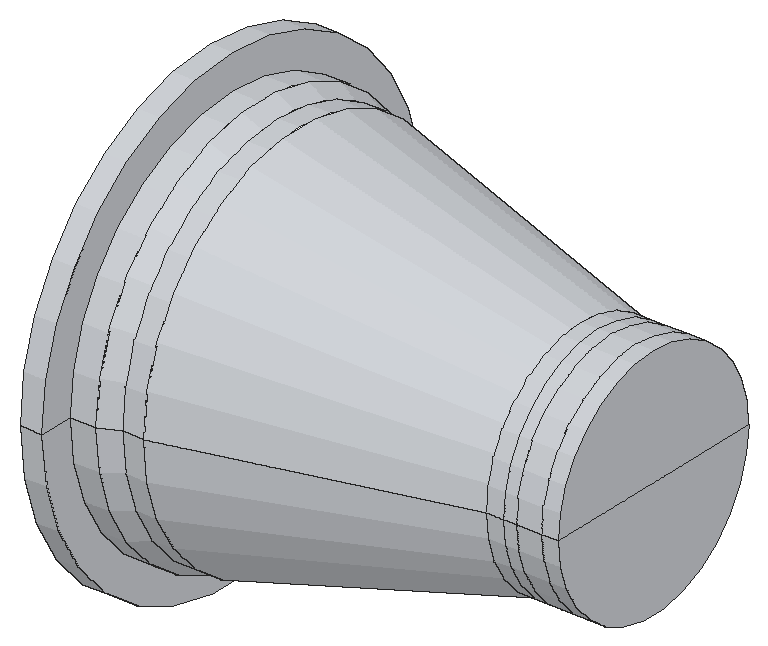
Revit family "31a7adb176a94188a9fa53120bb060dd", category Pipe Fittings, Revit 2021
Family settings
  Round Connector Dimension = Use Radius
  Part Type = Transition
  OmniClass Number = 23.60.30.11.14
  OmniClass Title = Pipework Fittings
  Work Plane-Based = No
  Always vertical = Yes
  Cut with Voids When Loaded = No
  Shared = No
Parameters (values of type "Standard")
  Visibility 2 [instance] = Nominal Diameter 2 > Nominal Diameter 1  # no
  Visibility 1 [instance] = Nominal Diameter 1 > Nominal Diameter 2  # yes
  URL = ""
  Type Comments = ""
  Tick Size 2 [instance] = if(Nominal Diameter 1 > Nominal Diameter 2, Min Tick Size 12, Max Tick Size 12)  # 7.8000"
  Tick Size 1 [instance] = if(Nominal Diameter 1 > Nominal Diameter 2, Max Tick Size 12, Min Tick Size 12)  # 12.8000"
  Min Tick Size 12 [instance] = Min Fitting Outside Diameter 12 * 0.4  # 7.8000"
  Max Tick Size 12 [instance] = Max Fitting Outside Diameter 12 * 0.4  # 12.8000"
  Socket Outside Radius 2 [instance] = Socket Outside Diameter 2 / 2  # 9.7500"
  Socket Outside Radius 1 [instance] = Socket Outside Diameter 1 / 2  # 16.7500"
  Socket Outside Diameter 2 [instance] = if(Nominal Diameter 1 > Nominal Diameter 2, Fitting Outside Diameter 2, Max Socket Outside Diameter 12)  # 19.5000"
  Socket Outside Diameter 1 [instance] = if(Nominal Diameter 1 > Nominal Diameter 2, Max Socket Outside Diameter 12, Fitting Outside Diameter 1)  # 33.5000"
  Socket Depth 2 [instance] = if(Nominal Diameter 2 < 14.0000", 2.5000", if(Nominal Diameter 2 < 30.0000", 3.5000", 4.0000"))  # 3.5000"
  Socket Depth 1 [instance] = if(Nominal Diameter 1 < 14.0000", 2.5000", if(Nominal Diameter 1 < 30.0000", 3.5000", 4.0000"))  # 4.0000"
  Min Socket Outside Diameter 12 [instance] = size_lookup(Lookup Table Name, "SOD", 1.1 * Min Nominal Diameter 12 + 0.8700", Min Nominal Diameter 12)  # 20.5500"
  Max Socket Outside Diameter 12 [instance] = size_lookup(Lookup Table Name, "SOD", 1.04 * Max Nominal Diameter 12 + 0.1300", Max Nominal Diameter 12)  # 33.5000"
  Nominal Radius 2 [instance] = 9.0000"
  Nominal Radius 1 [instance] = 15.0000"
  Nominal Diameter 2 [instance] = Nominal Radius 2 * 2  # 18.0000"
  Nominal Diameter 1 [instance] = Nominal Radius 1 * 2  # 30.0000"
  Min Nominal Diameter 12 [instance] = if(Nominal Diameter 1 > Nominal Diameter 2, Nominal Diameter 2, Nominal Diameter 1)  # 18.0000"
  Max Nominal Diameter 12 [instance] = if(Nominal Diameter 1 > Nominal Diameter 2, Nominal Diameter 1, Nominal Diameter 2)  # 30.0000"
  Manufacturer = ""
  Loss Method = K Coefficient from Table
  Lookup Table Name = "Reducer - MJ x PE - DI - Class 250"
  Length [instance] = size_lookup(Lookup Table Name, "Lgt", 2 * Max Nominal Diameter 12 + Socket Depth 1 - Socket Depth 2, Max Nominal Diameter 12, Min Nominal Diameter 12)  # 36.4900"
  K Coefficient Table = "Reducer/Coupling/Union/Increaser"
  Fitting Outside Radius 2 [instance] = Fitting Outside Diameter 2 / 2  # 9.7500"
  Fitting Outside Radius 1 [instance] = Fitting Outside Diameter 1 / 2  # 16.0000"
  Min Fitting Outside Diameter 12 [instance] = size_lookup(Lookup Table Name, "FOD", 1.04 * Min Nominal Diameter 12 + 0.7000", Min Nominal Diameter 12)  # 19.5000"
  Max Fitting Outside Diameter 12 [instance] = size_lookup(Lookup Table Name, "FOD", 1.04 * Max Nominal Diameter 12 + 0.7000", Max Nominal Diameter 12)  # 32.0000"
  built-in parameter 1114238 [instance] = (empty or 0)
  Fitting Outside Diameter 2 [instance] = if(Nominal Diameter 1 > Nominal Diameter 2, Min Fitting Outside Diameter 12, Max Fitting Outside Diameter 12)  # 19.5000"
  Fitting Outside Diameter 1 [instance] = if(Nominal Diameter 1 > Nominal Diameter 2, Max Fitting Outside Diameter 12, Min Fitting Outside Diameter 12)  # 32.0000"
  Description = ""
  Default Elevation = 0.0000"
  Bevel Length 2 [instance] = size_lookup(Lookup Table Name, "BvLgt", 0.04 * Nominal Diameter 2 + 0.4300", Nominal Diameter 2)  # 1.0500"
  Bevel Length 1 [instance] = size_lookup(Lookup Table Name, "BvLgt", 0.04 * Nominal Diameter 1 + 0.4300", Nominal Diameter 1)  # 1.5000"
  Gland Width 2 [instance] = size_lookup(Lookup Table Name, "GWid", 0.03 * Nominal Diameter 2 + 0.9400", Nominal Diameter 2)  # 1.4400"
  Gland Width 1 [instance] = size_lookup(Lookup Table Name, "GWid", 0.03 * Nominal Diameter 1 + 0.9400", Nominal Diameter 1)  # 1.8100"
  Gland Outside Radius 1 [instance] = Gland Outside Diameter 1 / 2  # 19.5600"
  Gland Outside Radius 2 [instance] = Gland Outside Diameter 2 / 2  # 9.7500"
  Max Gland Outside Diameter 12 [instance] = size_lookup(Lookup Table Name, "GOD", 1.16 * Max Nominal Diameter 12 + 4.0300", Max Nominal Diameter 12)  # 39.1200"
  Min Gland Outside Diameter 12 [instance] = size_lookup(Lookup Table Name, "GOD", 1.16 * Min Nominal Diameter 12 + 4.0300", Min Nominal Diameter 12)  # 24.7500"
  Gland Outside Diameter 2 [instance] = if(Nominal Diameter 1 > Nominal Diameter 2, Fitting Outside Diameter 2, Max Gland Outside Diameter 12)  # 19.5000"
  Gland Outside Diameter 1 [instance] = if(Nominal Diameter 1 > Nominal Diameter 2, Max Gland Outside Diameter 12, Fitting Outside Diameter 1)  # 39.1200"
  Assembly Code = ""
Reference planes (in)
  plane 1 "Center (Front/Back)": y = 0
  plane 2: z = 0
  plane 3 "Center (Left/Right)": x = 0
  plane 4 "Right": x = 36.49
  plane 5 "TK1 Top": y = 12.8
  plane 6 "TK1 Bottom": y = -12.8
  plane 7 "TK2 Top": y = 7.8
  plane 8 "TK2 Bottom": y = -7.8
  plane 9: y = 19.56
  plane 10: y = 16.75
  plane 11: x = 4
  plane 12: x = 5.5
  plane 13: y = 16
  plane 14 "SD2R": x = 32.99
  plane 15: x = 1.81
  plane 16: x = 35.05
  plane 17: x = 31.94
  plane 18: y = 9.75
  plane 19: y = 9.75
  plane 20: y = 9.75
  plane 21: x = 7.31
  plane 22: x = 30.5
Forms (in)
  Extrusion 1, solid, not visible
    sketch origin (0, 0, 0) x (0, 1, 0) y (0, 0, 1)
      loop
        circle (0, 0) r 1
    from 0 to 36.49
  Revolve 2, solid, detail levels fine
    sketch origin (0, 0, 0) x (1, 0, 0) y (0, 1, 0)
      loop
        line (1.81, 16.75) -> (1.81, 0) -> (35.05, 0) -> (35.05, 9.75) -> (32.99, 9.75) -> (31.94, 9.75) -> (30.5, 9.75) -> (7.31, 16) -> (5.55, 16) -> (4, 16.75) -> (1.81, 16.75)
      axis (1.81, 0) -> (35.05, 0)
    angle from 0 to 360
  Revolve 3, solid, detail levels fine
    sketch origin (0, 0, 0) x (1, 0, 0) y (0, 1, 0)
      loop
        line (0, 0) -> (1.81, 0) -> (1.81, 19.56) -> (0, 19.56) -> (0, 0)
      loop
        line (36.49, 0) -> (36.49, 9.75) -> (35.05, 9.75) -> (35.05, 0) -> (36.49, 0)
      axis (0, 0) -> (36.49, 0)
    angle from 0 to 360
Cuts and joins
  joined: Revolve 2, Revolve 3
Lines and regions (in)
  model lines, detail levels coarse+medium
    curve 1: line (0, 0, 0) -> (0, 12.8, 0)
    curve 2: line (0, -12.8, 0) -> (0, 0, 0)
    curve 3: line (36.49, 0, 0) -> (36.49, 7.8, 0)
    curve 4: line (36.49, 0, 0) -> (36.49, -7.8, 0)
  model lines, style "PipeFitting", visible <- "Visibility 1", detail levels coarse+medium
    curve 5: line (0, 12.8, 0) -> (36.49, 0, 0)
    curve 6: line (0, -12.8, 0) -> (36.49, 0, 0)
  model lines, style "PipeFitting", visible <- "Visibility 2", detail levels coarse+medium
    curve 7: line (36.49, 7.8, 0) -> (0, 0, 0)
    curve 8: line (0, 0, 0) -> (36.49, -7.8, 0)
Dimensions and locks (in)
  "Tick Size 1": plane 5 "TK1 Top" to plane 1 "Center (Front/Back)"
  "Tick Size 1": plane 6 "TK1 Bottom" to plane 1 "Center (Front/Back)"
  "Tick Size 2": plane 7 "TK2 Top" to plane 1 "Center (Front/Back)"
  "Tick Size 2": plane 8 "TK2 Bottom" to plane 1 "Center (Front/Back)"
  "Gland Outside Radius 1": plane 9 to plane 1 "Center (Front/Back)"
  "Socket Outside Radius 1": plane 1 "Center (Front/Back)" to plane 10
  "Fitting Outside Radius 1": plane 13 to plane 1 "Center (Front/Back)"
  "Length": plane 3 "Center (Left/Right)" to plane 4 "Right"
  "Socket Depth 2": plane 14 "SD2R" to plane 4 "Right"
  "Socket Depth 1": plane 3 "Center (Left/Right)" to plane 11
  "Gland Width 1": plane 3 "Center (Left/Right)" to plane 15
  "Gland Width 2": plane 16 to plane 4 "Right"
  "Bevel Length 1": plane 11 to plane 12
  "Bevel Length 2": plane 17 to plane 14 "SD2R"
  "Fitting Outside Radius 2": plane 18 to plane 1 "Center (Front/Back)"
  "Socket Outside Radius 2": plane 19 to plane 1 "Center (Front/Back)"
  "Gland Outside Radius 2": plane 20 to plane 1 "Center (Front/Back)"
  "Gland Width 1": plane 12 to plane 21
  "Gland Width 2": plane 22 to plane 17
  radius of Extrusion 1 sketch curve = 1.0000"
  aligned and locked: plane 2 to level
  aligned and locked: plane 2 to Extrusion 1 sketch curve
  aligned and locked: plane 1 "Center (Front/Back)" to Extrusion 1 sketch curve
  aligned and locked: Extrusion 1 to plane 3 "Center (Left/Right)"
  aligned and locked: plane 4 "Right" to Extrusion 1
  aligned and locked: plane 1 "Center (Front/Back)" to curve 2
  aligned and locked: plane 3 "Center (Left/Right)" to curve 1
  aligned and locked: plane 3 "Center (Left/Right)" to curve 2
  aligned and locked: plane 5 "TK1 Top" to curve 1
  aligned and locked: plane 6 "TK1 Bottom" to curve 2
  aligned and locked: curve 3 to plane 7 "TK2 Top"
  aligned and locked: curve 4 to plane 4 "Right"
  aligned and locked: plane 1 "Center (Front/Back)" to Revolve 2 sketch curve
  aligned and locked: Revolve 2 sketch curve to plane 10
  aligned and locked: plane 11 to Revolve 2 sketch curve
  aligned and locked: plane 14 "SD2R" to Revolve 2 sketch curve
  aligned and locked: Revolve 2 sketch curve to plane 19
  aligned and locked: Revolve 2 sketch curve to Revolve 2 sketch curve
  aligned and locked: plane 18 to Revolve 2 sketch curve
  aligned and locked: plane 22 to Revolve 2 sketch curve
  aligned and locked: Revolve 2 sketch curve to plane 13
  aligned and locked: Revolve 2 sketch curve to plane 21
  aligned and locked: Revolve 3 sketch curve to plane 15
  aligned and locked: Revolve 3 sketch curve to plane 9
  aligned and locked: Revolve 3 sketch curve to plane 20
  aligned and locked: plane 16 to Revolve 3 sketch curve
  aligned and locked: plane 4 "Right" to Revolve 3 sketch curve
  aligned and locked: Revolve 3 sketch curve to Revolve 3 sketch curve  (x2)
  aligned and locked: plane 3 "Center (Left/Right)" to Revolve 3 sketch curve
  aligned and locked: plane 15 to Revolve 2 sketch curve
  aligned and locked: plane 16 to Revolve 2 sketch curve
Automatic sketch dimensions
  plane 8 "TK2 Bottom" to curve 8 = 0.0000"
  plane 1 "Center (Front/Back)" to curve 4 = 0.0000"
  plane 1 "Center (Front/Back)" to Revolve 3 sketch curve = 0.0000"
  Revolve 3 sketch curve to plane 3 "Center (Left/Right)" = 9.7500"
  Revolve 3 sketch curve to Revolve 3 sketch curve = 7.2500"
  Revolve 2 sketch curve to plane 17 = 0.0000"
  Revolve 2 sketch curve to plane 3 "Center (Left/Right)" = 9.7500"
  Revolve 2 sketch curve to plane 12 = 0.0500"
  Revolve 2 sketch curve to Revolve 2 sketch curve = 8.3100"
Connectors (in)
  piping at (0, 0, 0), diameter 30, driven by "Nominal Radius 1"
    settings: on Extrusion 1, index 1, connector inside diameter 30.0000", connector length 0.0000", flow factor 0, pipe flow 0 GPM, pressure drop 0.00 psi, fitting loss kfactor 0, connector angle 0.00°, fixture units 0, engagement length 0.0000", angle of deflection 0.00°, flow configuration 0, flow direction 0, fitting loss method 0, system type 28, joint type 0, gender type 0, connector reference index 2, connector utility 0, adjustable connector no, is connector primary yes, connector description ""
  piping at (36.49, 0, 0), diameter 18, driven by "Nominal Radius 2"
    settings: on Extrusion 1, index 2, connector inside diameter 18.0000", connector length 0.0000", flow factor 0, pipe flow 0 GPM, pressure drop 0.00 psi, fitting loss kfactor 0, connector angle 0.00°, fixture units 0, engagement length 0.0000", angle of deflection 0.00°, flow configuration 0, flow direction 0, fitting loss method 0, system type 28, joint type 0, gender type 0, connector reference index 1, connector utility 0, adjustable connector no, is connector primary no, connector description ""
